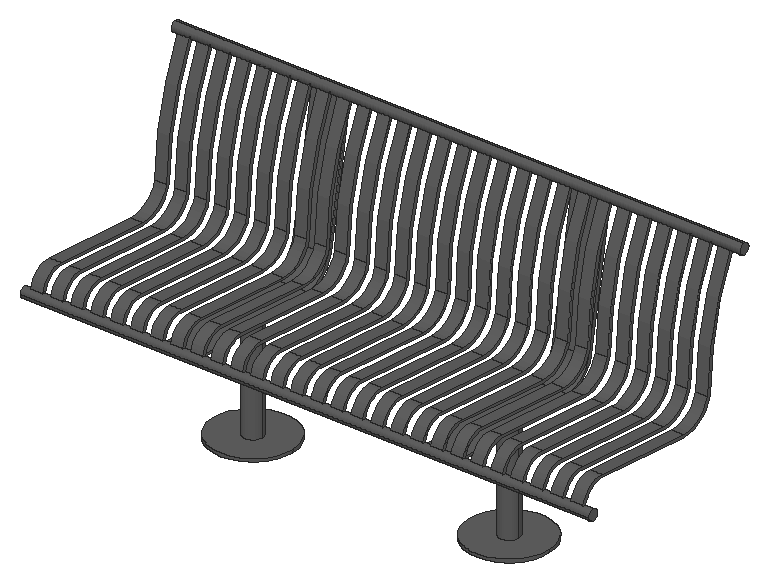
Revit family
Parameters (values of type "CV1-1020")
  URL = "http://www.sitescapesonline.com/index.asp"
  Type Comments = "Backed Bench"
  Side Panel Width = 3' - 6"
  Product Page URL = "http://www.sitescapesonline.com/cityview-park-benches.asp"
  Product Documentation Link = "http://www.sitescapesonline.com/PDF/CV1-1020%20-%20Customer%20Print.PDF"
  Panel Side Thickness = 0' - 1"
  Panel Seat Inset Bottom = 2' - 9 1/2"
  Panel Seat Inset Back = 2' - 1 1/4"
  Panel Back Width = Length - (Panel Side Thickness * 2) - 0' 2"  # 5' - 8"
  Model = "CV1-1020"
  Manufacturer = "SiteScapes Inc."  # constant formula
  Length = 6' - 0"
  Height = 2' - 9 7/8"
  Frame Width = Length - (Panel Side Thickness * 2)  # 5' - 10"
  Frame Side Inset Back = 0' - 9"
  Bench Material = Steel - SiteScapes - Powder Coat - Onyx
  Frame Back Inset Bottom = 2' - 9 1/16"
  Frame Back Inset Back = 0' - 1 3/4"
  Description = "Vertical Strap, Backed Bench, Six foot length, No Ends, Surface Mount"
  Depth = 2' - 1 3/4"
  Copyright © = "2010 SiteScapes Inc."  # constant formula
  Bracing Inset Bottom = 0' - 0"
  Bracing Inset Back = 0' - 0"
  Assembly Code = ""
  Armrest Inset Bottom = 1' - 5"
  Seat Panel = Panel-Seat-SiteScapes-Seat_Straps_Set : 5 5/8"x1' 3 5/8"
  Bracing Horizontal Type = Unused-SiteScapes-Component : Empty Space
  Back Type = Frame-Back-SiteScapes-Post_Mount_With_Bars : 5 5/8"x1' 3 13/32"
  Bench End = Bench-End-SiteScapes-Post_Mount : 27 3/4"x33 7/8"
Reference planes (in)
  plane 1 "Center Front/Back": y = 0
  plane 2 "Original Bottom": z = 0
  plane 3 "Center Left/Right": x = 0
  plane 4 "Left": x = -36
  plane 5 "Right": x = 36
  plane 6 "Side Panel Width L": x = -20
  plane 7 "Side Panel Width R": x = 20
  plane 8 "Front": y = -25.75
  plane 9 "Frame Side Origin F/B": y = -9
  plane 10 "Frame Side Origin T/B": z = 0
  plane 11 "Frame Back Origin F/B": y = -1.75
  plane 12 "Frame Back Origin T/B": z = 33.0625
  plane 13 "Bracing Origin F/B": y = 0
  plane 14 "Bracing Origin T/B": z = 0
  plane 15 "Panel Seat Origin F/B": y = -25.25
  plane 16 "Panel Seat Origin T/B": z = 33.5
  plane 17 "Panel Back Origin F/B": y = -15.125
  plane 18 "Panel Back Origin T/B": z = 34
  plane 19 "Panel Side Origin F/B": y = -5.5
  plane 20 "Panel Side Origin T/B": z = 14.71875
  plane 21 "Top": z = 33.875
  plane 22 "Side Panel Right": x = 21
  plane 23 "Side Panel Left": x = -21
  plane 24 "Arm Rest Origin T/B": z = 17
  plane 25 "Arm Rest Origin F/B": y = -9
Dimensions and locks (in)
  equal spacing: plane 4 "Left", plane 3 "Center Left/Right", plane 5 "Right"
  "Length": plane 4 "Left" to plane 5 "Right"
  "Panel Side Thickness": plane 23 "Side Panel Left" to plane 6 "Side Panel Width L"
  "Panel Side Thickness": plane 7 "Side Panel Width R" to plane 22 "Side Panel Right"
  "Frame Side Inset Back": plane 9 "Frame Side Origin F/B" to plane 1 "Center Front/Back"
  locked: plane 17 "Panel Back Origin F/B" to plane 1 "Center Front/Back" at 15.125
  "Frame Back Inset Back": plane 11 "Frame Back Origin F/B" to plane 1 "Center Front/Back"
  locked: plane 19 "Panel Side Origin F/B" to plane 1 "Center Front/Back" at 5.5
  "Bracing Inset Back": plane 13 "Bracing Origin F/B" to plane 1 "Center Front/Back"
  "Panel Seat Inset Back": plane 15 "Panel Seat Origin F/B" to plane 1 "Center Front/Back"
  "Depth": plane 8 "Front" to plane 1 "Center Front/Back"
  locked: plane 10 "Frame Side Origin T/B" to plane 2 "Original Bottom" at 0
  "Frame Back Inset Bottom": plane 12 "Frame Back Origin T/B" to plane 2 "Original Bottom"
  locked: plane 18 "Panel Back Origin T/B" to plane 2 "Original Bottom" at 34
  "Bracing Inset Bottom": plane 14 "Bracing Origin T/B" to plane 2 "Original Bottom"
  locked: plane 20 "Panel Side Origin T/B" to plane 2 "Original Bottom" at 14.71875
  "Panel Seat Inset Bottom": plane 16 "Panel Seat Origin T/B" to plane 2 "Original Bottom"
  "Height": plane 21 "Top" to plane 2 "Original Bottom"
  equal spacing: plane 23 "Side Panel Left", plane 3 "Center Left/Right", plane 22 "Side Panel Right"
  "Side Panel Width": plane 23 "Side Panel Left" to plane 22 "Side Panel Right"
  "Armrest Inset Bottom": plane 24 "Arm Rest Origin T/B" to plane 2 "Original Bottom"
  locked: plane 25 "Arm Rest Origin F/B" to plane 9 "Frame Side Origin F/B"
  aligned and locked: level to plane 2 "Original Bottom"
  aligned: nested 1 to plane 5 "Right"
  aligned: plane 4 "Left" to nested 2
  aligned: nested 1 to plane 10 "Frame Side Origin T/B"
  aligned: nested 1 to plane 9 "Frame Side Origin F/B"
  aligned and locked: plane 12 "Frame Back Origin T/B" to nested 3
  aligned and locked: nested 3 to plane 11 "Frame Back Origin F/B"
  aligned and locked: plane 3 "Center Left/Right" to nested 3
  aligned and locked: plane 14 "Bracing Origin T/B" to nested 4
  aligned and locked: plane 13 "Bracing Origin F/B" to nested 4
  aligned and locked: plane 3 "Center Left/Right" to nested 4
  aligned and locked: plane 15 "Panel Seat Origin F/B" to nested 5
  aligned: plane 3 "Center Left/Right" to nested 5  (x2)
  aligned: plane 10 "Frame Side Origin T/B" to nested 1
  aligned and locked: plane 16 "Panel Seat Origin T/B" to nested 5
  aligned and locked: nested 1 to plane 22 "Side Panel Right"
  aligned and locked: plane 23 "Side Panel Left" to nested 2
  aligned and locked: plane 10 "Frame Side Origin T/B" to nested 2
  aligned and locked: nested 1 to plane 9 "Frame Side Origin F/B"
  aligned and locked: plane 10 "Frame Side Origin T/B" to nested 1
  aligned and locked: nested 2 to plane 9 "Frame Side Origin F/B"
  aligned: plane 4 "Left" to nested 5  (x2)
  aligned and locked: plane 4 "Left" to nested 5
Nested families (in)
  nested 1: "Bench-End-SiteScapes-Post_Mount" at (16, -14, 0), type <- "Bench End", type "27 3/4"x33 7/8""
    with Height 1' - 2"
  nested 2: "Bench-End-SiteScapes-Post_Mount" at (-16, -14, 0), type <- "Bench End", type "27 3/4"x33 7/8""
    with Height 1' - 2"
  nested 3: "Frame-Back-SiteScapes-Post_Mount_With_Bars" at (0, -1.75, 14.3125), type <- "Back Type", type "5 5/8"x1' 3 13/32""
  nested 4: "Unused-SiteScapes-Component" at (0, 2, -2), type <- "Bracing Horizontal Type", type "Empty Space"
  nested 5: "Panel-Seat-SiteScapes-Seat_Straps_Set" at (0.25, 18.01563, 14.75), type <- "Seat Panel", type "5 5/8"x1' 3 5/8""
Definition of nested family "Bench-End-SiteScapes-Post_Mount"
  Parameters (values of type "2 3/8"x1 3/4"")
    URL = "http://www.sitescapesonline.com/index.asp"
    Post Diameter = 0' - 2 3/8"
    Manufacturer = "SiteScapes Inc."  # constant formula
    Diameter = 0' - 10"
    Product Page URL = ""
    Product Documentation Link = ""
    Material = Steel - SiteScapes - Powder Coat - Onyx
    Height = 1' - 3 1/4"
    Copyright © = "2010 SiteScapes Inc."  # constant formula
  Reference planes (in)
    plane 1 "Post Center (Front/Back)": y = 0
    plane 2 "Original Bottom": z = 0
    plane 3 "Center (Left/Right)": x = 0
    plane 4 "Left": x = -5
    plane 5 "Right": x = 5
    plane 6 "Front": y = -5
    plane 7 "Top": z = 15.25
    plane 8 "Post Right": x = 1.1875
    plane 9 "Plate Left": x = -1.1875
    plane 10 "Post Front": y = -1.1875
    plane 11 "Center (Front/Back)": y = 5
    plane 12 "Bottom Base": z = 0.375
    plane 13 "Post Back": y = 1.1875
  Forms (in)
    Extrusion 1, solid, material "Steel - SiteScapes - Powder Coat - Onyx" <- "Material", detail levels medium+fine
      sketch origin (-6, -23.5, 0) x (1, 0, 0) y (0, 1, 0)
        loop
          circle (6, 23.5) r 5
      from 0 to 0.375
    Extrusion 2, solid, material "Steel - SiteScapes - Powder Coat - Onyx" <- "Material", detail levels medium+fine
      sketch origin (-6, -23.5, 0) x (1, 0, 0) y (0, 1, 0)
        loop
          circle (6, 23.5) r 1.1875
      from 0.375 to 15.25
  Lines and regions (in)
    Masking region 1, detail levels medium+fine
      outline origin (-0.23104, -2.35657, 0) x (1, 0, 0) y (0, 1, 0)
        loop
          circle (0.23102, 2.35657) r 5
    Masking region 2, detail levels medium+fine
      outline origin (0, 0, 0) x (0, 1, 0) y (0, 0, 1)
        loop
          line (-1.1875, 15.25) -> (-1.1875, 0.375) -> (-5, 0.375) -> (-5, 0) -> (5, 0) -> (5, 0.375) -> (1.1875, 0.375) -> (1.1875, 15.25) -> (-1.1875, 15.25)
    Masking region 3, detail levels medium+fine
      outline origin (0, -5, 0) x (-1, 0, 0) y (0, 0, 1)
        loop
          line (1.1875, 15.25) -> (-1.1875, 15.25) -> (-1.1875, 0.375) -> (-5, 0.375) -> (-5, 0) -> (5, 0) -> (5, 0.375) -> (1.1875, 0.375) -> (1.1875, 15.25)
    model lines, style "Bench Frame", detail levels coarse
      curve 1: circle (0, 0, 0) r 5 normal (0, 0, 1)
      curve 2: line (0, 0, 0) -> (0, 0, 15.25)
  Dimensions and locks (in)
    "Height": plane 7 "Top" to plane 2 "Original Bottom"
    locked: plane 12 "Bottom Base" to plane 2 "Original Bottom" at 0.375
    equal spacing: plane 11 "Center (Front/Back)", plane 1 "Post Center (Front/Back)", plane 6 "Front"
    "Diameter": plane 11 "Center (Front/Back)" to plane 6 "Front"
    equal spacing: plane 9 "Plate Left", plane 3 "Center (Left/Right)", plane 8 "Post Right"
    equal spacing: plane 13 "Post Back", plane 1 "Post Center (Front/Back)", plane 10 "Post Front"
    "Post Diameter": plane 13 "Post Back" to plane 10 "Post Front"
    "Diameter": plane 4 "Left" to plane 5 "Right"
    equal spacing: plane 4 "Left", plane 3 "Center (Left/Right)", plane 5 "Right"
    "Post Diameter": plane 9 "Plate Left" to plane 8 "Post Right"
    aligned and locked: plane 2 "Original Bottom" to level
    aligned and locked: Extrusion 2 to Extrusion 1
    aligned and locked: plane 12 "Bottom Base" to Extrusion 1
    aligned and locked: Extrusion 1 to plane 2 "Original Bottom"
    aligned and locked: plane 1 "Post Center (Front/Back)" to Extrusion 2 sketch curve  (x3)
    aligned and locked: plane 3 "Center (Left/Right)" to Extrusion 2 sketch curve
    aligned and locked: plane 9 "Plate Left" to Extrusion 2 sketch curve
    aligned and locked: plane 1 "Post Center (Front/Back)" to Extrusion 1 sketch curve  (x2)
    aligned and locked: plane 4 "Left" to Extrusion 1 sketch curve
    aligned and locked: plane 5 "Right" to Extrusion 1 sketch curve
    aligned and locked: plane 10 "Post Front" to Masking region 2 sketch curve
    aligned and locked: Masking region 2 sketch curve to plane 13 "Post Back"
    aligned and locked: plane 12 "Bottom Base" to Masking region 2 sketch curve
    aligned and locked: Masking region 2 sketch curve to plane 6 "Front"
    aligned and locked: plane 11 "Center (Front/Back)" to Masking region 2 sketch curve
    aligned and locked: Masking region 2 sketch curve to plane 12 "Bottom Base"
    aligned and locked: Masking region 3 to plane 7 "Top"
    aligned and locked: Masking region 3 to plane 8 "Post Right"
    aligned and locked: Masking region 3 to plane 9 "Plate Left"
    aligned and locked: Masking region 3 to plane 4 "Left"
    aligned and locked: Masking region 3 to plane 5 "Right"
    aligned and locked: level to Masking region 3
    aligned and locked: Masking region 3 to plane 12 "Bottom Base"  (x2)
    aligned and locked: plane 7 "Top" to Masking region 2
    aligned and locked: Masking region 2 to level
    aligned and locked: curve 1 to Extrusion 1  (x2)
    aligned and locked: Masking region 2 sketch curve to plane 7 "Top"
    aligned and locked: Masking region 2 sketch curve to plane 2 "Original Bottom"
    aligned and locked: plane 2 "Original Bottom" to curve 2
    aligned and locked: curve 2 to plane 1 "Post Center (Front/Back)"
    aligned and locked: plane 7 "Top" to curve 2
    aligned and locked: plane 3 "Center (Left/Right)" to Masking region 1 sketch curve
    aligned and locked: plane 11 "Center (Front/Back)" to Masking region 1 sketch curve
    aligned and locked: Masking region 3 sketch curve to plane 12 "Bottom Base"  (x2)
    aligned and locked: Masking region 3 sketch curve to plane 5 "Right"
    aligned and locked: plane 2 "Original Bottom" to Masking region 3 sketch curve
    aligned and locked: Masking region 3 sketch curve to plane 8 "Post Right"
    aligned and locked: Masking region 3 sketch curve to plane 9 "Plate Left"
    aligned and locked: Masking region 3 sketch curve to plane 4 "Left"
    aligned and locked: Masking region 3 sketch curve to plane 7 "Top"
    aligned and locked: plane 7 "Top" to Extrusion 2
  Automatic sketch dimensions
    Masking region 1 sketch curve to Masking region 1 sketch curve = 0' - 0"
    plane 1 "Post Center (Front/Back)" to Masking region 1 sketch curve = 0' - 0"
    Masking region 1 sketch curve to plane 3 "Center (Left/Right)" = 0' - 0.00002"
    Masking region 1 sketch curve to plane 3 "Center (Left/Right)" = 0' - 0.00005"
Definition of nested family "Frame-Back-SiteScapes-Post_Mount_With_Bars"
  Parameters (values of type "5 5/8"x1' 3 13/32"")
    Width = 6' - 0"
    URL = "http://www.sitescapesonline.com/index.asp"
    Product Page URL = ""
    Product Documentation Link = ""
    Material = Steel - SiteScapes - Powder Coat - Onyx
    Manufacturer = "SiteScapes Inc."  # constant formula
    Height = 1' - 6 3/4"
    Has Support Bars [instance] = yes
    Depth = 1' - 10 31/32"
    Copyright © = "2010 SiteScapes Inc."  # constant formula
    Assembly Code = ""
  Reference planes (in)
    plane 1 "Center (Front/Back)": y = 0
    plane 2 "Original Bottom": z = 0
    plane 3 "Center (Left/Right)": x = 0
    plane 4 "Left": x = -36
    plane 5 "Right": x = 36
    plane 6 "Top": z = 18.75
    plane 7 "Bar 3 Right": x = 18.5
    plane 8 "Bar 3 Left": x = 14
    plane 9 "Bar 2 Right": x = -14
    plane 10 "Bar 2 Left": x = -18.5
    plane 11 "Right Inset": x = 35.5
    plane 12 "Left Inset": x = -35.5
    plane 13 "Front": y = -22.96875
    plane 14 "Bar 2": x = -16.25
    plane 15 "Bar 3": x = 16.25
    plane 16 "Bottom Offset": z = -0.3125
    plane 17 "Bottom Bar Right": y = -22.96875
    plane 18 "Bottom Bar Left": y = -24.21875
    plane 19 "Top Bar Left": y = 0.25
    plane 20 "Top Bar Bottom": z = 18.75
    plane 21 "Top Bar Top": z = 20
  Forms (in)
    Sweep 1, solid, material "Steel - SiteScapes - Powder Coat - Onyx" <- "Material", visible <- "Has Support Bars", detail levels medium+fine
      path origin (0, -15.28713, -0.88621) x (0, 1, 0) y (0, 0, 1)
        loop
          line (-7.68162, 0.88621) -> (9.03713, 0.88621)
          arc (9.03713, 0.88621) -> (11.16213, 1.63871) -> (12.34001, 3.56082) r 3.37666
          line (12.34001, 3.56082) -> (15.28713, 19.63621)
      profile origin (0, -14.60938, 0) x (0, 0, 1) y (1, 0, 0)
        loop
          line (0, 18.5) -> (-0.3125, 18.5) -> (-0.3125, 14) -> (0, 14) -> (0, 18.5)
        loop
          line (0, -14) -> (-0.3125, -14) -> (-0.3125, -18.5) -> (0, -18.5) -> (0, -14)
    Sweep 2, solid, material "Steel - SiteScapes - Powder Coat - Onyx" <- "Material", detail levels medium+fine
      path origin (0, -5.5625, 0) x (-1, 0, 0) y (0, 0, 1)
        loop
          line (35.5, 0) -> (-35.5, 0)
      profile origin (0, -5.5625, 0) x (0, 0, -1) y (0, 1, 0)
        loop
          circle (0, -17.96875) r 0.625
        loop
          circle (-19.375, 5.625) r 0.625
  Lines and regions (in)
    Masking region 1
      outline origin (0, 0, 0) x (0, 1, 0) y (0, 0, 1)
        loop
          line (-22.98998, -0.3125) -> (-6.25, -0.3125)
          arc (-6.25, -0.3125) -> (-3.92659, 0.51106) -> (-2.64053, 2.61403) r 3.68916
          line (-2.64053, 2.61403) -> (0.33226, 18.82936)
          arc (0.33226, 18.82936) -> (0.63894, 19.52507) -> (0.04698, 20.00221) r 0.62505
          arc (0.04698, 20.00221) -> (-0.57925, 19.37598) -> (0.04698, 18.74975) r 0.62623
          line (0.04698, 18.74975) -> (-2.94713, 2.67461)
          arc (-2.94713, 2.67461) -> (-4.125, 0.7525) -> (-6.25, 0) r 3.37666
          line (-6.25, 0) -> (-22.90625, 0)
          arc (-22.90625, 0) -> (-23.53125, 0.625) -> (-24.15625, 0) r 0.625
          arc (-24.15625, 0) -> (-23.69301, -0.6037) -> (-22.98998, -0.3125) r 0.625
    Masking region 2, detail levels medium+fine
      outline origin (0, 0, 0) x (1, 0, 0) y (0, 0, 1)
        loop
          line (-35.5, 20) -> (-35.5, 18.75) -> (35.5, 18.75) -> (35.5, 20) -> (-35.5, 20)
        loop
          line (-35.5, -0.57539) -> (35.5, -0.57539) -> (35.5, 0.67461) -> (-35.5, 0.67461) -> (-35.5, -0.57539)
    Masking region 3
      outline origin (0, 0, 0) x (1, 0, 0) y (0, 0, 1)
        loop
          line (-18.5, 18.75) -> (-18.5, 0.67461) -> (-14, 0.67461) -> (-14, 18.75) -> (-18.5, 18.75)
        loop
          line (14, 18.75) -> (14, 0.67461) -> (18.5, 0.67461) -> (18.5, 18.75) -> (14, 18.75)
    model lines, style "Bench Frame", detail levels coarse
      curve 1: line (-16.25, 0, 18.75) -> (-16.25, -2.94713, 2.67461)
      curve 2: line (-16.25, -6.25, 0) -> (-16.25, -22.96875, 0)
      curve 3: line (16.25, -6.25, 0) -> (16.25, -22.96875, 0)
      curve 4: line (16.25, -2.94713, 2.67461) -> (16.25, 0, 18.75)
      curve 5: arc (-16.25, -6.25, 0) -> (-16.25, -4.125, 0.7525) -> (-16.25, -2.94713, 2.67461) r 3.37666
      curve 6: arc (16.25, -6.25, 0) -> (16.25, -4.125, 0.7525) -> (16.25, -2.94713, 2.67461) r 3.37666
      curve 7: line (-36, 0, 18.75) -> (36, 0, 18.75)
      curve 8: line (-36, -24.21875, 0) -> (36, -24.21875, 0)
  Dimensions and locks (in)
    equal spacing: plane 4 "Left", plane 3 "Center (Left/Right)", plane 5 "Right"
    "Width": plane 4 "Left" to plane 5 "Right"
    "Height": plane 6 "Top" to plane 2 "Original Bottom"
    locked: plane 4 "Left" to plane 12 "Left Inset" at 0.5
    locked: plane 11 "Right Inset" to plane 5 "Right" at 0.5
    "Depth": plane 13 "Front" to plane 1 "Center (Front/Back)"
    plane 9 "Bar 2 Right" to plane 10 "Bar 2 Left" = 0' - 4 1/2"
    equal spacing: plane 8 "Bar 3 Left", plane 15 "Bar 3", plane 7 "Bar 3 Right", locked at 2.25 each
    plane 13 "Front" to plane 1 "Center (Front/Back)" = 1' - 10 31/32"
    locked: plane 2 "Original Bottom" to plane 16 "Bottom Offset" at 0.3125
    plane 17 "Bottom Bar Right" to plane 13 "Front" = 0' - 0"
    locked: plane 18 "Bottom Bar Left" to plane 17 "Bottom Bar Right" at 1.25
    locked: plane 1 "Center (Front/Back)" to plane 19 "Top Bar Left" at 0.25
    locked: plane 21 "Top Bar Top" to plane 20 "Top Bar Bottom" at 1.25
    plane 10 "Bar 2 Left" to plane 9 "Bar 2 Right" = 0' - 4 1/2"
    equal spacing: plane 10 "Bar 2 Left", plane 14 "Bar 2", plane 9 "Bar 2 Right", locked at 2.25 each
    locked: plane 8 "Bar 3 Left" to plane 7 "Bar 3 Right" at 4.5
    aligned and locked: plane 2 "Original Bottom" to level
    aligned and locked: Sweep 1 sketch curve to level
    aligned: Sweep 1 to curve 3
    aligned and locked: curve 4 to Sweep 1
    aligned and locked: Sweep 1 to curve 2
    aligned and locked: curve 1 to Sweep 1
    aligned: Sweep 1 to plane 16 "Bottom Offset"  (x2)
    aligned and locked: plane 12 "Left Inset" to Sweep 2 sketch curve
    aligned and locked: plane 11 "Right Inset" to Sweep 2 sketch curve
    aligned and locked: Sweep 2 sketch curve to plane 2 "Original Bottom"
    aligned: plane 18 "Bottom Bar Left" to Sweep 2 sketch curve
    aligned: plane 17 "Bottom Bar Right" to Sweep 2 sketch curve
    aligned and locked: plane 2 "Original Bottom" to Sweep 2 sketch curve  (x2)
    aligned and locked: plane 21 "Top Bar Top" to Sweep 2 sketch curve
    aligned and locked: plane 20 "Top Bar Bottom" to Sweep 2 sketch curve
    aligned: plane 1 "Center (Front/Back)" to Sweep 2 sketch curve  (x2)
    aligned and locked: Sweep 1 sketch curve to plane 16 "Bottom Offset"  (x2)
    aligned and locked: plane 2 "Original Bottom" to Sweep 1 sketch curve  (x2)
    aligned and locked: plane 10 "Bar 2 Left" to Sweep 1
    aligned and locked: plane 9 "Bar 2 Right" to Sweep 1
    aligned and locked: plane 8 "Bar 3 Left" to Sweep 1
    aligned and locked: plane 7 "Bar 3 Right" to Sweep 1
    aligned and locked: Masking region 1 sketch curve to Sweep 2
    aligned and locked: Masking region 1 sketch curve to Sweep 1  (x4)
    aligned and locked: Masking region 2 sketch curve to plane 21 "Top Bar Top"
    aligned and locked: Masking region 2 sketch curve to plane 12 "Left Inset"  (x2)
    aligned and locked: Masking region 2 sketch curve to plane 11 "Right Inset"  (x2)
    aligned and locked: plane 8 "Bar 3 Left" to Masking region 3 sketch curve
    aligned and locked: Masking region 3 sketch curve to plane 7 "Bar 3 Right"
    aligned and locked: Masking region 3 sketch curve to plane 20 "Top Bar Bottom"  (x2)
    aligned and locked: Masking region 3 sketch curve to plane 9 "Bar 2 Right"
    aligned and locked: plane 10 "Bar 2 Left" to Masking region 3 sketch curve
    aligned and locked: Masking region 2 to Masking region 3 sketch curve  (x2)
  Automatic sketch dimensions
    Sweep 1 sketch curve to plane 13 "Front" = 0' - 0"
    Sweep 1 sketch curve to plane 1 "Center (Front/Back)" = 0' - 0"
    Sweep 1 sketch curve to plane 6 "Top" = 0' - 0"
    plane 1 "Center (Front/Back)" to Sweep 1 sketch curve = 0' - 6 1/4"
    plane 1 "Center (Front/Back)" to Sweep 1 sketch curve = 0' - 2.94713"
    level to Sweep 1 sketch curve = 0' - 2.67461"
    curve 5 to level = 0' - 2.67461"
    curve 6 to level = 0' - 0"
    curve 6 to plane 1 "Center (Front/Back)" = 0' - 2.94713"
    curve 6 to curve 6 = 0' - 3.30287"
    curve 6 to level = 0' - 2.67461"
    plane 1 "Center (Front/Back)" to curve 7 = 0' - 0"
    curve 7 to plane 4 "Left" = 0' - 0"
    curve 7 to plane 5 "Right" = 0' - 0"
    curve 8 to plane 4 "Left" = 0' - 0"
    curve 8 to plane 5 "Right" = 0' - 0"
    plane 18 "Bottom Bar Left" to curve 8 = 0' - 0"
    plane 3 "Center (Left/Right)" to Sweep 1 sketch curve = 1' - 2"
    Sweep 1 sketch curve to Sweep 1 sketch curve = 0' - 4 1/2"  (x2)
    Sweep 1 sketch curve to plane 3 "Center (Left/Right)" = 1' - 2"
    curve 1 to plane 14 "Bar 2" = 0' - 0"
    curve 1 to curve 1 = 1' - 4.34331"
    curve 2 to plane 14 "Bar 2" = 0' - 0"
    plane 1 "Center (Front/Back)" to curve 2 = 0' - 6 1/4"
    curve 3 to plane 13 "Front" = 0' - 0"
    curve 3 to plane 15 "Bar 3" = 0' - 0"
    plane 1 "Center (Front/Back)" to curve 3 = 0' - 6 1/4"
    curve 4 to plane 15 "Bar 3" = 0' - 0"
    curve 4 to curve 4 = 1' - 4.34331"
    curve 5 to level = 0' - 0"
    curve 5 to plane 1 "Center (Front/Back)" = 0' - 2.94713"
    curve 5 to curve 5 = 0' - 3.30287"
    Sweep 2 sketch curve to Sweep 2 sketch curve = 0' - 0"  (x2)
    Sweep 2 sketch curve to profile plane = 1' - 6 19/32"
    Sweep 2 sketch curve to Sweep 2 sketch curve = 0' - 0 5/8"
    profile plane to Sweep 2 sketch curve = 0' - 5 5/8"
    plane 6 "Top" to Masking region 1 sketch curve = 0' - 0.07936"
    Masking region 1 sketch curve to plane 6 "Top" = 0' - 0.00025"
    plane 21 "Top Bar Top" to Masking region 1 sketch curve = 0' - 0.00221"
    Masking region 1 sketch curve to Masking region 1 sketch curve = 0' - 0.3066"
    Masking region 1 sketch curve to plane 1 "Center (Front/Back)" = 0' - 0.04698"
    Masking region 1 sketch curve to Masking region 1 sketch curve = 0' - 0.01539"
    Masking region 1 sketch curve to Masking region 1 sketch curve = 0' - 0"
    level to Masking region 2 sketch curve = 0' - 0.67461"
    Masking region 2 sketch curve to plane 16 "Bottom Offset" = 0' - 0.26289"
    Masking region 2 sketch curve to plane 6 "Top" = 0' - 0"
Definition of nested family "Panel-Seat-SiteScapes-Seat_Straps_Set"
  Parameters (values of type "5 5/8"x1' 3 5/8"")
    Width = 6' - 0"
    URL = "http://www.sitescapesonline.com/index.asp"
    Strap Count = if(Width = 6' 0", 28, 37)  # 28
    Product Page URL = ""
    Product Documentation Link = ""
    Material = Steel - SiteScapes - Powder Coat - Onyx
    Manufacturer = "SiteScapes Inc."  # constant formula
    Height = 1' - 6 3/4"
    Depth = 1' - 11 17/64"
    Copyright © = "2010 SiteScapes Inc."  # constant formula
    Assembly Code = ""
  Reference planes (in)
    plane 1 "Center (Front/Back)": y = -20
    plane 2 "Original Bottom": z = 0
    plane 3 "Center (Left/Right)": x = 0
    plane 4 "Left Offset": x = -35
    plane 5 "Right Inset": x = 35
    plane 6 "Front": y = -43.26563
    plane 7 "Top": z = 18.75
    plane 8 "Right": x = 35.75
    plane 9 "Left": x = -36.25
    plane 10 "Strap Spacing": x = -32.5
  Dimensions and locks (in)
    equal spacing: plane 4 "Left Offset", plane 3 "Center (Left/Right)", plane 5 "Right Inset"
    "Height": plane 7 "Top" to plane 2 "Original Bottom"
    locked: plane 4 "Left Offset" to plane 10 "Strap Spacing" at 2.5
    "Depth": plane 6 "Front" to plane 1 "Center (Front/Back)"
    equal spacing: group 1, group 2, group 3, group 4, group 5, group 6, group 7, group 8, group 9, group 10, group 11, group 12, group 13, group 14, group 15, group 16, group 17, group 18, group 19, group 20, group 21, group 22, group 23, group 24, group 25, group 26, group 27, group 28  (x3)
    locked: plane 9 "Left" to plane 4 "Left Offset" at 1.25
    locked: plane 5 "Right Inset" to plane 8 "Right" at 0.75
    "Width": plane 9 "Left" to plane 8 "Right"
    aligned and locked: plane 2 "Original Bottom" to level
    aligned and locked: plane 4 "Left Offset" to nested 1
    aligned and locked: nested 1 to plane 6 "Front"
    aligned and locked: plane 10 "Strap Spacing" to nested 2
    aligned and locked: nested 2 to plane 6 "Front"
  Nested families (in)
    nested 1: "Strap-Seat_Back-SiteScapes-Single" at (-34.25, -23.26563, 0), type "1 1/2""
      with Height 1' - 6 3/4"
    nested 2: "Strap-Seat_Back-SiteScapes-Single" at (-31.75, -23.26563, 0), type "1 1/2""
      with Height 1' - 6 3/4"
    nested 3: "Strap-Seat_Back-SiteScapes-Single" at (-29.25, -23.26563, 0), type "1 1/2""
      with Height 1' - 6 3/4"
    nested 4: "Strap-Seat_Back-SiteScapes-Single" at (-26.75, -23.26563, 0), type "1 1/2""
      with Height 1' - 6 3/4"
    nested 5: "Strap-Seat_Back-SiteScapes-Single" at (-24.25, -23.26563, 0), type "1 1/2""
      with Height 1' - 6 3/4"
    nested 6: "Strap-Seat_Back-SiteScapes-Single" at (-21.75, -23.26563, 0), type "1 1/2""
      with Height 1' - 6 3/4"
    nested 7: "Strap-Seat_Back-SiteScapes-Single" at (-19.25, -23.26563, 0), type "1 1/2""
      with Height 1' - 6 3/4"
    nested 8: "Strap-Seat_Back-SiteScapes-Single" at (-16.75, -23.26563, 0), type "1 1/2""
      with Height 1' - 6 3/4"
    nested 9: "Strap-Seat_Back-SiteScapes-Single" at (-14.25, -23.26563, 0), type "1 1/2""
      with Height 1' - 6 3/4"
    nested 10: "Strap-Seat_Back-SiteScapes-Single" at (-11.75, -23.26563, 0), type "1 1/2""
      with Height 1' - 6 3/4"
    nested 11: "Strap-Seat_Back-SiteScapes-Single" at (-9.25, -23.26563, 0), type "1 1/2""
      with Height 1' - 6 3/4"
    nested 12: "Strap-Seat_Back-SiteScapes-Single" at (-6.75, -23.26563, 0), type "1 1/2""
      with Height 1' - 6 3/4"
    nested 13: "Strap-Seat_Back-SiteScapes-Single" at (-4.25, -23.26563, 0), type "1 1/2""
      with Height 1' - 6 3/4"
    nested 14: "Strap-Seat_Back-SiteScapes-Single" at (-1.75, -23.26563, 0), type "1 1/2""
      with Height 1' - 6 3/4"
    nested 15: "Strap-Seat_Back-SiteScapes-Single" at (0.75, -23.26563, 0), type "1 1/2""
      with Height 1' - 6 3/4"
    nested 16: "Strap-Seat_Back-SiteScapes-Single" at (3.25, -23.26563, 0), type "1 1/2""
      with Height 1' - 6 3/4"
    nested 17: "Strap-Seat_Back-SiteScapes-Single" at (5.75, -23.26563, 0), type "1 1/2""
      with Height 1' - 6 3/4"
    nested 18: "Strap-Seat_Back-SiteScapes-Single" at (8.25, -23.26563, 0), type "1 1/2""
      with Height 1' - 6 3/4"
    nested 19: "Strap-Seat_Back-SiteScapes-Single" at (10.75, -23.26563, 0), type "1 1/2""
      with Height 1' - 6 3/4"
    nested 20: "Strap-Seat_Back-SiteScapes-Single" at (13.25, -23.26563, 0), type "1 1/2""
      with Height 1' - 6 3/4"
    nested 21: "Strap-Seat_Back-SiteScapes-Single" at (15.75, -23.26563, 0), type "1 1/2""
      with Height 1' - 6 3/4"
    nested 22: "Strap-Seat_Back-SiteScapes-Single" at (18.25, -23.26563, 0), type "1 1/2""
      with Height 1' - 6 3/4"
    nested 23: "Strap-Seat_Back-SiteScapes-Single" at (20.75, -23.26563, 0), type "1 1/2""
      with Height 1' - 6 3/4"
    nested 24: "Strap-Seat_Back-SiteScapes-Single" at (23.25, -23.26563, 0), type "1 1/2""
      with Height 1' - 6 3/4"
    nested 25: "Strap-Seat_Back-SiteScapes-Single" at (25.75, -23.26563, 0), type "1 1/2""
      with Height 1' - 6 3/4"
    nested 26: "Strap-Seat_Back-SiteScapes-Single" at (28.25, -23.26563, 0), type "1 1/2""
      with Height 1' - 6 3/4"
    nested 27: "Strap-Seat_Back-SiteScapes-Single" at (30.75, -23.26563, 0), type "1 1/2""
      with Height 1' - 6 3/4"
    nested 28: "Strap-Seat_Back-SiteScapes-Single" at (33.25, -23.26563, 0), type "1 1/2""
      with Height 1' - 6 3/4"
  Definition of nested family "Strap-Seat_Back-SiteScapes-Single"
    Parameters (values of type "1 1/2"")
      Width = 0' - 1 1/2"
      URL = "http://www.sitescapesonline.com/index.asp"
      Strap Count = Width / 0' 2 1/2"  # 1
      Product Page URL = ""
      Product Documentation Link = ""
      Material = Steel - SiteScapes - Powder Coat - Onyx
      Manufacturer = "SiteScapes Inc."  # constant formula
      Height = 1' - 5.70053"
      Depth = 1' - 11 17/64"
      Copyright © = "2010 SiteScapes Inc."  # constant formula
    Reference planes (in)
      plane 1 "Center (Front/Back)": y = -20
      plane 2 "Original Bottom": z = 0
      plane 3 "Center (Left/Right)": x = 0
      plane 4 "Front": y = 3.26563
      plane 5 "Top": z = 17.70053
      plane 6 "Right": x = 0.75
      plane 7 "Left": x = -0.75
    Forms (in)
      Sweep 1, solid, material "Steel - SiteScapes - Powder Coat - Onyx" <- "Material", detail levels medium+fine
        path origin (0, -20, 0) x (1, 0, 0) y (0, 0, 1)
          loop
            line (-0.75, 0) -> (0.75, 0)
        profile origin (0, -20, 0) x (0, 0, 1) y (0, -1, 0)
          loop
            arc (2.33579, -3.01017) -> (1.777, -1.06625) -> (0.05823, 0) r 2.8125
            line (0.05823, 0) -> (0, -0.30703)
            arc (0, -0.30703) -> (1.52731, -1.25416) -> (2.02464, -2.98113) r 2.5
            line (2.02464, -2.98113) -> (0.9134, -15.68261)
            arc (0.9134, -15.68261) -> (1.61556, -18.23996) -> (3.81568, -19.72068) r 3.8125
            arc (3.81568, -19.72068) -> (10.90464, -20.67436) -> (17.5715, -23.26585) r 30.25
            line (17.5715, -23.26585) -> (17.70053, -23.02349)
            arc (17.70053, -23.02349) -> (10.99728, -20.38693) -> (3.86071, -19.40994) r 30.25
            arc (3.86071, -19.40994) -> (1.86033, -18.04502) -> (1.22486, -15.7082) r 3.5
            line (1.22486, -15.7082) -> (2.33579, -3.01017)
    Lines and regions (in)
      Masking region 1, detail levels medium+fine
        outline origin (0, 0, 17.70053) x (0, -1, 0) y (1, 0, 0)
          loop
            line (20, 0.75) -> (-3.26563, 0.75) -> (-3.26563, -0.75) -> (20, -0.75) -> (20, 0.75)
      Masking region 2, detail levels medium+fine
        outline origin (0, 0, 0) x (0, 1, 0) y (0, 0, 1)
          loop
            arc (-19.69297, 0) -> (-18.74603, 1.52717) -> (-17.01936, 2.02468) r 2.5
            line (-17.01936, 2.02468) -> (-4.31739, 0.9134)
            arc (-4.31739, 0.9134) -> (-1.76004, 1.61556) -> (-0.27932, 3.81568) r 3.8125
            arc (-0.27932, 3.81568) -> (0.67436, 10.90464) -> (3.26585, 17.5715) r 30.25
            line (3.26585, 17.5715) -> (3.02349, 17.70053)
            arc (3.02349, 17.70053) -> (0.38693, 10.99728) -> (-0.59006, 3.86071) r 30.25
            arc (-0.59006, 3.86071) -> (-1.95498, 1.86033) -> (-4.2918, 1.22486) r 3.5
            line (-4.2918, 1.22486) -> (-16.99032, 2.33584)
            arc (-16.99032, 2.33584) -> (-18.93395, 1.77685) -> (-20, 0.05823) r 2.8125
            line (-20, 0.05823) -> (-19.69297, 0)
      Masking region 3, detail levels medium+fine
        outline origin (0, 3.26563, 0) x (-1, 0, 0) y (0, 0, 1)
          loop
            line (-0.75, 0) -> (0.75, 0) -> (0.75, 17.70053) -> (-0.75, 17.70053) -> (-0.75, 0)
      model lines, style "Bench Seat", detail levels coarse
        curve 1: arc (0, -0.59006, 3.86071) -> (0, 0.38693, 10.99728) -> (0, 3.02349, 17.70053) r 30.25
        curve 2: arc (0, -4.2918, 1.22486) -> (0, -1.95498, 1.86033) -> (0, -0.59006, 3.86071) r 3.5
        curve 3: line (0, -4.2918, 1.22486) -> (0, -16.98983, 2.33579)
        curve 4: arc (0, -20, 0.05823) -> (0, -18.93375, 1.777) -> (0, -16.98983, 2.33579) r 2.8125
    Dimensions and locks (in)
      "Height": plane 5 "Top" to plane 2 "Original Bottom"
      "Width": plane 7 "Left" to plane 6 "Right"
      equal spacing: plane 7 "Left", plane 3 "Center (Left/Right)", plane 6 "Right"
      "Depth": plane 1 "Center (Front/Back)" to plane 4 "Front"
      aligned and locked: plane 2 "Original Bottom" to level
      aligned: curve 3 to Sweep 1
      aligned and locked: Sweep 1 sketch curve to plane 2 "Original Bottom"
      aligned and locked: plane 7 "Left" to Sweep 1 sketch curve
      aligned and locked: plane 6 "Right" to Sweep 1 sketch curve
      aligned and locked: curve 4 to Sweep 1
      aligned and locked: curve 3 to Sweep 1
      aligned and locked: curve 1 to Sweep 1
      aligned and locked: Masking region 1 sketch curve to plane 4 "Front"
      aligned and locked: Masking region 1 sketch curve to plane 7 "Left"
      aligned and locked: Masking region 1 sketch curve to plane 6 "Right"
      aligned and locked: Masking region 1 sketch curve to plane 1 "Center (Front/Back)"
      aligned and locked: plane 5 "Top" to Sweep 1 sketch curve
      aligned and locked: Masking region 2 sketch curve to Sweep 1  (x9)
      aligned and locked: Masking region 3 sketch curve to plane 5 "Top"
      aligned and locked: Masking region 3 sketch curve to plane 6 "Right"
      aligned and locked: Masking region 3 sketch curve to plane 7 "Left"
      aligned and locked: plane 2 "Original Bottom" to Masking region 3 sketch curve
    Automatic sketch dimensions
      Sweep 1 sketch curve to Sweep 1 sketch curve = 0' - 0"  (x7)
      Sweep 1 sketch curve to plane 1 "Center (Front/Back)" = 0' - 0"
      profile plane to Sweep 1 sketch curve = 0' - 0.46585"
      Sweep 1 sketch curve to profile plane = 0' - 0"
      Sweep 1 sketch curve to profile plane = 0' - 0.05823"
      Sweep 1 sketch curve to profile plane = 0' - 0.9134"
      Sweep 1 sketch curve to Sweep 1 sketch curve = 0' - 0.31146"
      Sweep 1 sketch curve to profile plane = 0' - 2.02464"
      Sweep 1 sketch curve to Sweep 1 sketch curve = 0' - 0.31115"
      Sweep 1 sketch curve to profile plane = 0' - 3.35524"
      Sweep 1 sketch curve to profile plane = 0' - 3.81568"
      Sweep 1 sketch curve to Sweep 1 sketch curve = 0' - 0.04503"
      Sweep 1 sketch curve to Sweep 1 sketch curve = 0' - 3.48654"
      Sweep 1 sketch curve to Sweep 1 sketch curve = 0' - 0.12903"
      Sweep 1 sketch curve to plane 1 "Center (Front/Back)" = 0' - 0.30703"
      Sweep 1 sketch curve to Sweep 1 sketch curve = 0' - 2.45621"
      Sweep 1 sketch curve to Sweep 1 sketch curve = 1' - 0.70148"
      Sweep 1 sketch curve to Sweep 1 sketch curve = 0' - 0.02559"
      Sweep 1 sketch curve to Sweep 1 sketch curve = 0' - 0.30669"
      Sweep 1 sketch curve to Sweep 1 sketch curve = 0' - 3.30282"
      Sweep 1 sketch curve to Sweep 1 sketch curve = 0' - 0.24236"
      curve 1 to plane 5 "Top" = 0' - 0"
      curve 4 to plane 1 "Center (Front/Back)" = 0' - 0"
      curve 2 to curve 1 = 0' - 3.70174"
      level to curve 3 = 0' - 1.22486"
      curve 2 to curve 1 = 0' - 3.39504"
      plane 1 "Center (Front/Back)" to Masking region 2 sketch curve = 0' - 0"
      Masking region 2 sketch curve to Masking region 2 sketch curve = 0' - 0"
      level to Masking region 2 sketch curve = 0' - 2.02468"
      Masking region 2 sketch curve to Masking region 2 sketch curve = 0' - 0.02903"
      level to Masking region 2 sketch curve = 0' - 0.9134"
Definition of nested family "Unused-SiteScapes-Component"
  Parameters (values of type "Empty Space")
    Radius = Diameter / 2  # 0' - 2"
    Diameter = 0' - 4"
    Product Page URL = ""
    Product Documentation Link = ""
    Height = 0' - 2"
    Copyright © = ""
    Assembly Code = ""
  Reference planes (in)
    plane 1 "Center (Front/Back)": y = 0
    plane 2 "Original Bottom": z = 0
    plane 3 "Center (Left/Right)": x = 0
    plane 4 "Left": x = -2
    plane 5 "Right": x = 2
    plane 6 "Front": y = -2
    plane 7 "Top": z = 2
    plane 8 "Back": y = 2
  Dimensions and locks (in)
    equal spacing: plane 4 "Left", plane 3 "Center (Left/Right)", plane 5 "Right"
    "Diameter": plane 4 "Left" to plane 5 "Right"
    "Height": plane 7 "Top" to plane 2 "Original Bottom"
    equal spacing: plane 8 "Back", plane 1 "Center (Front/Back)", plane 6 "Front"
    "Diameter": plane 6 "Front" to plane 8 "Back"
    aligned and locked: plane 2 "Original Bottom" to level
